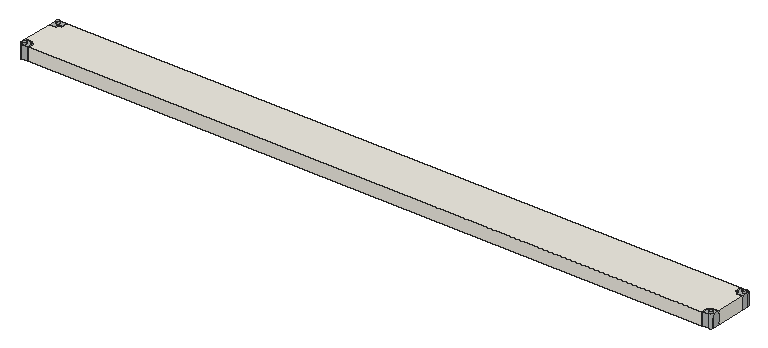
Revit family "HIGHTECH", category Осветительные приборы, Revit 2019 (continued)
Types (32, lengths in mm): name | Файл фотометрической сетки | built-in parameter 1150105 | Lumens | built-in parameter 1150106 | built-in parameter 1150142 | Wattage | Emit from Rectangle Width | Emit from Rectangle Length | Длина | Ширина | ADSK_Ток | ADSK_Полная мощность | ADSK_Обозначение | ADSK_Номинальная мощность | ADSK_Наименование | ADSK_Масса | ADSK_Код изделия
    .549 2.450 2.352 2.254 2.157 2.157 2.059 1.960 1.862 \r\n1.764 1.667 1.569 1.569 1.470 1.372 1.274 1.177 1.078 0.980 0.882 0.882 0.784 0.687 0.588 0.490 0.392 0.294 0.294 0.196 0.098 0.000 \r\n2755.907 2756.592 2751.104 2743.850 2728.264 2709.934 2687.389 2658.864 2627.007 2589.170 2545.942 2500.459 2452.036 2399.790 2343.035 2283.438 2222.565 2156.008 \r\n2088.079 2017.796 1945.750 1871.350 1794.794 1716.867 1637.076 1555.619 1473.182 1389.372 1303.113 1214.892 1128.633 1041.687 954.446 867.402 780.260 694.294 608.917 525.205 \r\n444.042 365.625 291.029 220.453 153.209 92.730 38.621 3.823 3.725 3.627 3.529 3.431 3.431 3.332 3.234 3.137 3.039 2.941 2.842 2.744 2.744 2.647 2.549 2.450 2.352 2.254 2.157 2.157 2.059 1.960 1.862 \r\n1.764 1.667 1.569 1.569 1.470 1.372 1.274 1.177 1.078 0.980 0.882 0.882 0.784 0.687 0.588 0.490 0.392 0.294 0.294 0.196 0.098 0.000 \r\n2755.907 2756.789 2751.201 2744.046 2728.558 2710.326 2687.879 2659.354 2627.693 2589.856 2546.629 2501.244 2452.820 2400.672 2343.917 2284.320 2223.545 2156.890 \r\n2089.059 2018.776 1946.730 1872.330 1795.774 1717.847 1638.056 1556.501 1474.064 1390.255 1304.093 1215.677 1129.417 1042.373 955.133 867.991 780.750 694.686 609.309 525.499 \r\n444.337 365.820 291.128 220.551 153.308 92.730 38.719 3.823 3.725 3.627 3.529 3.431 3.431 3.332 3.234 3.137 3.039 2.941 2.842 2.842 2.744 2.647 2.549 2.450 2.352 2.254 2.157 2.157 2.059 1.960 1.862 \r\n1.764 1.667 1.569 1.569 1.470 1.372 1.274 1.177 1.078 0.980 0.980 0.882 0.784 0.687 0.588 0.490 0.392 0.294 0.294 0.196 0.098 0.000 \r\n2755.907 2756.887 2751.398 2744.340 2728.852 2710.718 2688.466 2659.943 2628.281 2590.542 2547.314 2501.930 2453.605 2401.554 2344.799 2285.201 2224.525 2157.870 \r\n2090.039 2019.756 1947.710 1873.310 1796.853 1718.827 1638.939 1557.481 1474.946 1391.137 1304.975 1216.559 1130.201 1043.157 955.720 868.481 781.240 695.176 609.701 525.794 \r\n444.631 366.016 291.323 220.649 153.406 92.827 38.719 3.823 3.725 3.627 3.529 3.431 3.431 3.332 3.234 3.137 3.039 2.941 2.842 2.842 2.744 2.647 2.549 2.450 2.352 2.254 2.157 2.157 2.059 1.960 1.862 \r\n1.764 1.667 1.569 1.569 1.470 1.372 1.274 1.177 1.078 0.980 0.980 0.882 0.784 0.687 0.588 0.490 0.392 0.294 0.294 0.196 0.098 0.000 \r\n2755.907 2756.985 2751.496 2744.634 2729.244 2711.110 2688.957 2660.531 2628.967 2591.228 2548.001 2502.616 2454.389 2402.339 2345.682 2286.084 2225.506 2158.850 \r\n2091.019 2020.737 1948.690 1874.290 1797.833 1719.807 1639.919 1558.364 1475.926 1392.019 1305.955 1217.343 1130.887 1043.843 956.407 869.069 781.730 695.568 610.093 526.185 \r\n444.827 366.213 291.519 220.747 153.406 92.925 38.817 3.823 3.725 3.627 3.529 3.431 3.431 3.332 3.234 3.137 3.039 2.941 2.842 2.842 2.744 2.647 2.549 2.450 2.352 2.254 2.254 2.157 2.059 1.960 1.862 \r\n1.764 1.667 1.569 1.569 1.470 1.372 1.274 1.177 1.078 0.980 0.980 0.882 0.784 0.687 0.588 0.490 0.392 0.294 0.294 0.196 0.098 0.000 \r\n2755.907 2757.083 2751.594 2744.830 2729.539 2711.502 2689.545 2661.021 2629.654 2591.915 2548.687 2503.401 2455.271 2403.221 2346.564 2286.966 2226.486 2159.733 \r\n2091.999 2021.619 1949.769 1875.369 1798.813 1720.787 1640.899 1559.344 1476.809 1392.804 1306.837 1218.128 1131.672 1044.529 957.093 869.656 782.319 696.058 610.485 526.479 \r\n445.121 366.408 291.618 220.845 153.503 92.925 38.915 3.823 3.725 3.627 3.529 3.529 3.431 3.332 3.234 3.137 3.039 2.941 2.842 2.842 2.744 2.647 2.549 2.450 2.352 2.254 2.254 2.157 2.059 1.960 1.862 \r\n1.764 1.667 1.569 1.569 1.470 1.372 1.274 1.177 1.078 0.980 0.980 0.882 0.784 0.687 0.588 0.490 0.392 0.294 0.294 0.196 0.098 0.000 \r\n2755.907 2757.180 2751.691 2745.124 2729.832 2711.992 2690.035 2661.608 2630.339 2592.601 2549.373 2504.086 2456.055 2404.103 2347.348 2287.848 2227.466 2160.713 \r\n2092.980 2022.599 1950.749 1876.349 1799.793 1721.768 1641.879 1560.226 1477.691 1393.686 1307.720 1219.010 1132.456 1045.215 957.681 870.245 782.809 696.548 610.877 526.774 \r\n445.414 366.605 291.813 220.943 153.601 93.024 38.915 3.823 3.725 3.627 3.529 3.529 3.431 3.332 3.234 3.137 3.039 2.941 2.842 2.842 2.744 2.647 2.549 2.450 2.352 2.254 2.254 2.157 2.059 1.960 1.862 \r\n1.764 1.667 1.569 1.569 1.470 1.372 1.274 1.177 1.078 0.980 0.980 0.882 0.784 0.687 0.588 0.490 0.392 0.294 0.294 0.196 0.098 0.000 \r\n2755.907 2757.279 2751.789 2745.418 2730.127 2712.384 2690.525 2662.197 2631.026 2593.287 2550.059 2504.871 2456.839 2404.985 2348.231 2288.730 2228.446 2161.694 \r\n2093.960 2023.579 1951.729 1877.329 1800.774 1722.846 1642.860 1561.207 1478.672 1394.568 1308.701 1219.793 1133.142 1046.000 958.367 870.833 783.299 696.941 611.269 527.067 \r\n445.709 366.800 292.010 221.041 153.700 93.024 39.013 3.823 3.725 3.627 3.529 3.529 3.431 3.332 3.234 3.137 3.039 2.941 2.941 2.842 2.744 2.647 2.549 2.450 2.352 2.254 2.254 2.157 2.059 1.960 1.862 \r\n1.764 1.667 1.569 1.569 1.470 1.372 1.274 1.177 1.078 0.980 0.980 0.882 0.784 0.687 0.588 0.490 0.392 0.294 0.294 0.196 0.098 0.000 \r\n2755.907 2757.475 2751.986 2745.615 2730.420 2712.777 2691.113 2662.785 2631.614 2593.973 2550.648 2505.556 2457.624 2405.770 2349.113 2289.612 2229.426 2162.576 \r\n2094.842 2024.559 1952.709 1878.309 1801.754 1723.826 1643.742 1562.089 1479.554 1395.450 1309.583 1220.578 1133.926 1046.685 958.956 871.421 783.789 697.431 611.661 527.459 \r\n445.905 366.997 292.108 221.237 153.798 93.122 39.013 3.823 3.725 3.627 3.529 3.529 3.431 3.332 3.234 3.137 3.039 2.941 2.941 2.842 2.744 2.647 2.549 2.450 2.352 2.254 2.254 2.157 2.059 1.960 1.862 \r\n1.764 1.667 1.667 1.569 1.470 1.372 1.274 1.177 1.078 0.980 0.980 0.882 0.784 0.687 0.588 0.490 0.392 0.294 0.294 0.196 0.098 0.000 \r\n2755.907 2757.573 2752.084 2745.908 2730.715 2713.169 2691.603 2663.275 2632.300 2594.659 2551.333 2506.341 2458.408 2406.652 2349.995 2290.495 2230.407 2163.556 \r\n2095.822 2025.539 1953.788 1879.388 1802.734 1724.806 1644.722 1563.069 1480.436 1396.332 1310.465 1221.460 1134.711 1047.372 959.642 872.010 784.279 697.921 612.053 527.754 \r\n446.199 367.193 292.303 221.335 153.798 93.122 39.111 3.823 3.725 3.627 3.627 3.529 3.431 3.332 3.234 3.137 3.039 2.941 2.941 2.842 2.744 2.647 2.549 2.450 2.352 2.254 2.254 2.157 2.059 1.960 1.862 \r\n1.764 1.667 1.667 1.569 1.470 1.372 1.274 1.177 1.078 0.980 0.980 0.882 0.784 0.687 0.588 0.490 0.392 0.294 0.294 0.196 0.098 0.000 \r\n2755.907 2757.671 2752.181 2746.202 2731.009 2713.561 2692.094 2663.863 2632.986 2595.346 2552.020 2507.027 2459.192 2407.534 2350.877 2291.377 2231.387 2164.536 \r\n2096.802 2026.520 1954.768 1880.368 1803.714 1725.787 1645.702 1563.951 1481.416 1397.215 1311.445 1222.245 1135.396 1048.058 960.229 872.500 784.867 698.313 612.446 528.048 \r\n446.493 367.487 292.500 221.433 153.896 93.220 39.209 3.823 3.725 3.627 3.627 3.529 3.431 3.332 3.234 3.137 3.039 2.941 2.941 2.842 2.744 2.647 2.549 2.450 2.352 2.254 2.254 2.157 2.059 1.960 1.862 \r\n1.764 1.667 1.667 1.569 1.470 1.372 1.274 1.177 1.078 0.980 0.980 0.882 0.784 0.687 0.588 0.490 0.392 0.294 0.294 0.196 0.098 0.000 \r\n2755.907 2757.769 2752.279 2746.497 2731.302 2713.953 2692.682 2664.452 2633.673 2596.031 2552.705 2507.713 2459.976 2408.417 2351.759 2292.259 2232.368 2165.418 \r\n2097.782 2027.403 1955.748 1881.348 1804.694 1726.767 1646.682 1564.931 1482.299 1398.097 1312.327 1223.029 1136.181 1048.842 960.916 873.088 785.357 698.803 612.838 528.342 \r\n446.788 367.683 292.598 221.532 153.993 93.220 39.209 3.823 3.725 3.627 3.627 3.529 3.431 3.332 3.234 3.137 3.039 2.941 2.941 2.842 2.744 2.647 2.549 2.450 2.352 2.352 2.254 2.157 2.059 1.960 1.862 \r\n1.764 1.667 1.667 1.569 1.470 1.372 1.274 1.177 1.078 0.980 0.980 0.882 0.784 0.687 0.588 0.490 0.392 0.294 0.294 0.196 0.098 0.000 \r\n2755.907 2757.867 2752.378 2746.692 2731.695 2714.443 2693.172 2665.040 2634.358 2596.718 2553.392 2508.497 2460.760 2409.200 2352.642 2293.141 2233.348 2166.398 \r\n2098.763 2028.383 1956.728 1882.328 1805.773 1727.747 1647.662 1565.814 1483.181 1398.881 1313.307 1223.911 1136.965 1049.529 961.603 873.675 785.848 699.195 613.230 528.734 \r\n446.983 367.879 292.793 221.629 154.091 93.317 39.307 3.823 3.725 3.627 3.627 3.529 3.431 3.332 3.234 3.137 3.039 2.941 2.941 2.842 2.744 2.647 2.549 2.450 2.352 2.352 2.254 2.157 2.059 1.960 1.862 \r\n1.764 1.667 1.667 1.569 1.470 1.372 1.274 1.177 1.078 0.980 0.980 0.882 0.784 0.687 0.588 0.490 0.392 0.294 0.294 0.196 0.098 0.000 \r\n2755.907 2757.965 2752.574 2746.987 2731.989 2714.835 2693.662 2665.530 2635.045 2597.404 2554.078 2509.184 2461.545 2410.082 2353.524 2294.024 2234.328 2167.378 \r\n2099.743 2029.363 1957.708 1883.309 1806.753 1728.727 1648.643 1566.794 1484.161 1399.764 1314.190 1224.695 1137.651 1050.214 962.190 874.264 786.338 699.685 613.621 529.028 \r\n447.278 368.075 292.990 221.727 154.190 93.415 39.405 3.823 3.725 3.627 3.627 3.529 3.431 3.332 3.234 3.137 3.039 3.039 2.941 2.842 2.744 2.647 2.549 2.450 2.352 2.352 2.254 2.157 2.059 1.960 1.862 \r\n1.764 1.667 1.667 1.569 1.470 1.372 1.274 1.177 1.078 0.980 0.980 0.882 0.784 0.687 0.588 0.490 0.392 0.294 0.294 0.196 0.098 0.000 \r\n2755.907 2758.161 2752.671 2747.280 2732.283 2715.227 2694.250 2666.117 2635.633 2598.090 2554.764 2509.967 2462.329 2410.964 2354.406 2294.906 2235.309 2168.359 \r\n2100.625 2030.343 1958.787 1884.387 1807.733 1729.707 1649.525 1567.676 1485.043 1400.646 1315.072 1225.479 1138.435 1050.901 962.876 874.852 786.926 700.176 614.013 529.323 \r\n447.571 368.272 293.088 221.825 154.190 93.415 39.405 3.823 3.725 3.725 3.627 3.529 3.431 3.332 3.234 3.137 3.039 3.039 2.941 2.842 2.744 2.647 2.549 2.450 2.352 2.352 2.254 2.157 2.059 1.960 1.862 \r\n1.764 1.667 1.667 1.569 1.470 1.372 1.274 1.177 1.078 0.980 0.980 0.882 0.784 0.687 0.588 0.490 0.392 0.294 0.294 0.196 0.098 0.000 \r\n2755.907 2758.259 2752.770 2747.477 2732.577 2715.619 2694.741 2666.706 2636.319 2598.776 2555.352 2510.654 2463.113 2411.749 2355.190 2295.788 2236.289 2169.241 \r\n2101.605 2031.323 1959.767 1885.367 1808.713 1730.687 1650.505 1568.656 1485.925 1401.528 1316.052 1226.361 1139.219 1051.684 963.465 875.440 787.416 700.567 614.406 529.616 \r\n447.866 368.467 293.283 221.923 154.288 93.514 39.504 3.823 3.725 3.725 3.627 3.529 3.431 3.332 3.234 3.137 3.039 3.039 2.941 2.842 2.744 2.647 2.549 2.450 2.352 2.352 2.254 2.157 2.059 1.960 1.862 \r\n1.764 1.667 1.667 1.569 1.470 1.372 1.274 1.177 1.078 0.980 0.980 0.882 0.784 0.687 0.588 0.490 0.392 0.294 0.294 0.196 0.098 0.000 \r\n2755.907 2758.357 2752.868 2747.770 2732.871 2716.011 2695.329 2667.294 2637.005 2599.462 2556.039 2511.438 2463.897 2412.631 2356.072 2296.670 2237.269 2170.221 \r\n2102.585 2032.205 1960.747 1886.347 1809.694 1731.668 1651.485 1569.538 1486.905 1402.410 1316.934 1227.146 1139.905 1052.371 964.150 876.029 787.906 701.057 614.798 530.008 \r\n448.061 368.663 293.480 222.022 154.386 93.514 39.504 3.823 3.725 3.725 3.627 3.529 3.431 3.332 3.234 3.137 3.039 3.039 2.941 2.842 2.744 2.647 2.549 2.450 2.352 2.352 2.254 2.157 2.059 1.960 1.862 \r\n1.764 1.667 1.667 1.569 1.470 1.372 1.274 1.177 1.078 0.980 0.980 0.882 0.784 0.687 0.588 0.490 0.392 0.294 0.294 0.196 0.098 0.000 \r\n2755.907 2758.455 2753.064 2748.065 2733.166 2716.501 2695.819 2667.784 2637.692 2600.247 2556.724 2512.124 2464.681 2413.513 2356.954 2297.552 2238.249 2171.202 \r\n2103.565 2033.186 1961.727 1887.328 1810.674 1732.648 1652.465 1570.518 1487.788 1403.292 1317.816 1227.930 1140.689 1053.058 964.837 876.519 788.396 701.548 615.190 530.303 \r\n448.356 368.859 293.578 222.119 154.483 93.612 39.601 3.823 3.725 3.725 3.627 3.529 3.431 3.332 3.234 3.137 3.039 3.039 2.941 2.842 2.744 2.647 2.549 2.450 2.352 2.352 2.254 2.157 2.059 1.960 1.862 \r\n1.764 1.667 1.667 1.569 1.470 1.372 1.274 1.177 1.078 0.980 0.980 0.882 0.784 0.687 0.588 0.490 0.392 0.294 0.294 0.196 0.098 0.000 \r\n2755.907 2758.554 2753.161 2748.260 2733.459 2716.893 2696.309 2668.372 2638.377 2600.932 2557.411 2512.908 2465.466 2414.396 2357.836 2298.435 2239.229 2172.084 \r\n2104.547 2034.166 1962.708 1888.308 1811.654 1733.628 1653.446 1571.400 1488.670 1404.175 1318.796 1228.811 1141.474 1053.841 965.425 877.106 788.985 701.940 615.582 530.596 \r\n448.650 369.055 293.774 222.217 154.582 93.612 39.699 3.823 3.823 3.725 3.627 3.529 3.431 3.332 3.234 3.137 3.137 3.039 2.941 2.842 2.744 2.647 2.549 2.450 2.450 2.352 2.254 2.157 2.059 1.960 1.862 \r\n1.764 1.764 1.667 1.569 1.470 1.372 1.274 1.177 1.078 1.078 0.980 0.882 0.784 0.687 0.588 0.490 0.392 0.392 0.294 0.196 0.098 0.000 \r\n" | 51.164 W | 255 | 1155 | 1195 | 295 | 0.359168 A | 82.6087 VA | "Hightech-76/opal-sand 295х1195 (IP40, 4000К, белый)" | 76 W | "Универсальный светодиодный светильник Hightech-76/opal-sand 295х1195 (IP40, 4000К, белый)" | 2.5 | "ЦБ000007594"
